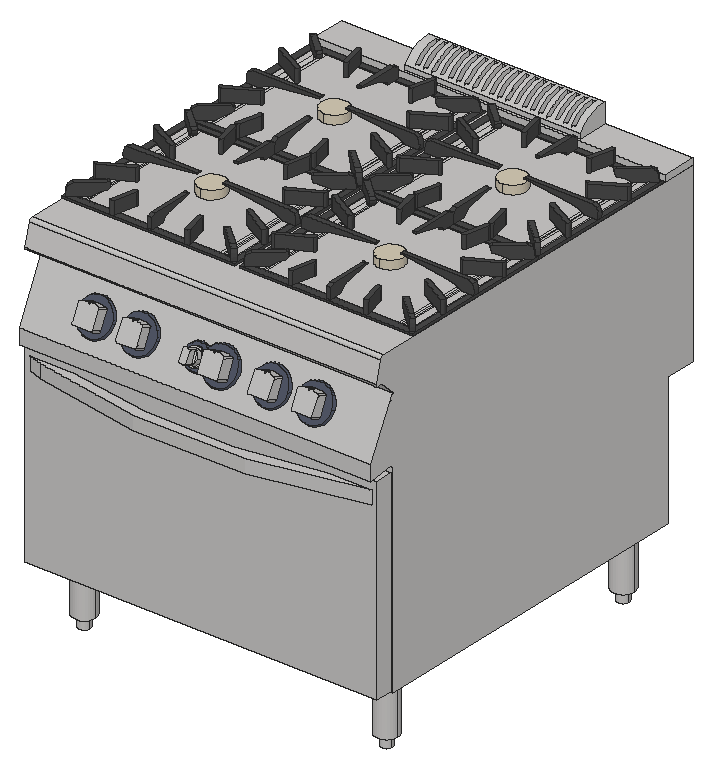
Revit family "QF_ZANUSSI_392004_Z9GCGH4SGL", category Specialty Equipment, Revit 2018
Family settings
  Round Connector Dimension = Use Diameter
  Part Type = Normal
  Work Plane-Based = No
  Always vertical = Yes
  Cut with Voids When Loaded = No
  Shared = No
  Room Calculation Point = No
Parameters
  Weight in Pounds = 155
  Weight = 0.00 kg
  Watts = 0 W
  Volts = 0 V
  URL Manufacturer = "http://www.zanussiprofessional.com"
  URL Cutsheet = "www.electrolux.com"
  URL = "http://www.zanussiprofessional.com"
  Type Mark [instance] = ""
  Steam Supply Size = 0"
  Steam Supply Minimum Pressure = 0.00 psi
  Steam Supply Maximum Pressure = 0.00 psi
  Steam Pounds per Hour = 0
  Status [instance] = ""
  Specification by User [instance] = ""
  Specification by Manufacturer = ""
  Show Logo [instance] = yes
  Show Clearance [instance] = yes
  Serial Number = ""
  Seismic Rating = ""
  SMACNA No = ""
  Revision Code [instance] = ""
  Refrigeration Suction Line Size = 0"
  Refrigeration Liquid Line Size = 0"
  Refrigerant Compressor Remote = yes
  Phase = 0
  Omniclass Number and Title = ""
  NAFEM Spec ID Number = ""
  Model = "Z9GCGH4SGL"
  Mechanical Remarks [instance] = ""
  Mechanical Connection Type [instance] = ""
  Masterspec = ""
  Manufacturer = "Zanussi"
  Length Actual = 800 mm  # constant formula
  Item Number [instance] = "392004"
  Installed By [instance] = ""
  Identify Quantity as Lot [instance] = yes
  Hot Water Size = 0"
  Height Actual = 850 mm  # constant formula
  HP = "0 HP"
  Gas Size = 1/2"
  Gas RI Height [instance] = 0 mm
  Gas KW [instance] = 32.5
  Gas Input [instance] = 1.13485 Btu/h
  Gas Connection Height = 0 mm
  Furnished By [instance] = ""
  Foodservice Equipment Identifier [instance] = yes
  Direct Waste Size = 0"
  Description = "4-BURNER (6KW) GAS RANGE+GAS OVEN 800MM"
  Depth Actual = 900 mm  # constant formula
  Cycle = 0 Hz
  Condensate Return Size = 0"
  Compressed Air Volume = 0 GPM
  Compressed Air Size = 0"
  Compressed Air Pressure = 0.00 psi
  Cold Water Size = 0"
  CSI MasterFormat = ""
  CSI Master Format = ""
  Accessory = yes
Reference planes
  plane 1 "BACK": y = 0
  plane 2: z = 0
  plane 3 "LEFT": x = 0
  plane 4 "RIGHT": x = 800.1
  plane 5 "FRONT": y = -915
  plane 6 "TOP": z = 908
  plane 7 "Center Y": x = 400.05
  plane 8 "Center X": y = -457.5
  plane 9: z = 149.225
  plane 10: z = 1397
  plane 11: y = -80.962
  plane 12: z = 850
  plane 13: x = 56
  plane 14: y = -128
  plane 15: y = -801.687
  plane 16: y = -665.163
  plane 17: y = -1309
  plane 18: y = -576
  plane 19: x = 744.1
  plane 20: y = -900
  plane 21: x = 70.925
Forms (mm)
  Extrusion 1, solid, material "QF_Finishes_Stainless Steel"
    sketch origin (0, 0, 0) x (0, 1, 0) y (0, 0, 1)
      loop
        line (0, 849.225) -> (-879.358, 849.225)
        arc (-879.358, 849.225) -> (-884.643, 847.036) -> (-886.833, 841.751) r 7.474
        line (-886.833, 841.751) -> (-899.884, 796.236)
        arc (-899.884, 796.236) -> (-899.396, 793.604) -> (-897, 792.409) r 3
        line (-897, 792.409) -> (-886.802, 792.409) -> (-854.982, 760.589) -> (-915, 639.733) -> (-915, 604.733) -> (-858.645, 612.653)
        arc (-858.645, 612.653) -> (-856.101, 611.899) -> (-855, 609.484) r 3.2
        line (-855, 609.484) -> (-855, 149.225) -> (-71, 149.225) -> (-71, 449.225) -> (0, 449.225) -> (0, 849.225)
      loop
        line (-900, 599.225) -> (-900, 154.225) -> (-860, 154.225) -> (-860, 599.225) -> (-900, 599.225)
    from 0 to 800.1
  Revolve 2, solid, material "QF_Finishes_Stainless Steel"
    sketch origin (0, -801.687, 611.731) x (0, 0, -1) y (1, 0, 0)
      loop
        line (462.506, 56) -> (462.506, 30.6) -> (586.331, 30.6) -> (586.331, 43.3) -> (611.731, 43.3) -> (611.731, 56) -> (462.506, 56)
      axis (611.731, 56) -> (462.506, 56)
    angle from 0 to 360
  Revolve 3, solid, material "QF_Finishes_Stainless Steel"
    sketch origin (800.1, -801.687, 611.731) x (0, 0, -1) y (1, 0, 0)
      loop
        line (462.506, -55.562) -> (611.731, -55.562) -> (611.731, -42.862) -> (586.331, -42.862) -> (586.331, -30.162) -> (462.506, -30.162) -> (462.506, -55.562)
      axis (611.731, -55.562) -> (462.506, -55.562)
    angle from 0 to 360
  Revolve 4, solid, material "QF_Finishes_Stainless Steel"
    sketch origin (800.1, -128.588, 611.731) x (0, 0, -1) y (1, 0, 0)
      loop
        line (462.506, -55.562) -> (611.731, -55.562) -> (611.731, -42.862) -> (586.331, -42.862) -> (586.331, -30.162) -> (462.506, -30.162) -> (462.506, -55.562)
      axis (611.731, -55.562) -> (462.506, -55.562)
    angle from 0 to 360
  Revolve 5, solid, material "QF_Finishes_Stainless Steel"
    sketch origin (111.125, -128.588, 611.731) x (0, 0, -1) y (1, 0, 0)
      loop
        line (462.506, -55.125) -> (611.731, -55.125) -> (611.731, -42.425) -> (586.331, -42.425) -> (586.331, -29.725) -> (462.506, -29.725) -> (462.506, -55.125)
      axis (611.731, -55.125) -> (462.506, -55.125)
    angle from 0 to 360
  Extrusion 6, solid, material "QF_Finishes_Stainless Steel"
    sketch origin (0, 0, 0) x (0, 1, 0) y (0, 0, 1)
      loop
        line (0, 850) -> (0, 864.288) -> (-76.2, 864.288) -> (-76.2, 850) -> (0, 850)
    from 0 to 800.1
  Extrusion 7, void
    sketch origin (-65.011, 0, 865.138) x (-1, 0, 0) y (0, -1, 0)
      loop
        line (-295.005, 6.761) -> (-285.709, 6.761) -> (-285.709, 63.911) -> (-295.005, 63.911) -> (-295.005, 6.761)
      loop
        line (-313.697, 6.761) -> (-304.401, 6.761) -> (-304.401, 63.911) -> (-313.697, 63.911) -> (-313.697, 6.761)
      loop
        line (-332.39, 6.761) -> (-323.094, 6.761) -> (-323.094, 63.911) -> (-332.39, 63.911) -> (-332.39, 6.761)
      loop
        line (-351.082, 6.761) -> (-341.787, 6.761) -> (-341.787, 63.911) -> (-351.082, 63.911) -> (-351.082, 6.761)
      loop
        line (-369.775, 6.761) -> (-360.479, 6.761) -> (-360.479, 63.911) -> (-369.775, 63.911) -> (-369.775, 6.761)
      loop
        line (-388.468, 6.761) -> (-379.172, 6.761) -> (-379.172, 63.911) -> (-388.468, 63.911) -> (-388.468, 6.761)
      loop
        line (-407.16, 6.761) -> (-397.864, 6.761) -> (-397.864, 63.911) -> (-407.16, 63.911) -> (-407.16, 6.761)
      loop
        line (-425.853, 6.761) -> (-416.557, 6.761) -> (-416.557, 63.911) -> (-425.853, 63.911) -> (-425.853, 6.761)
      loop
        line (-444.545, 6.761) -> (-435.25, 6.761) -> (-435.25, 63.911) -> (-444.545, 63.911) -> (-444.545, 6.761)
      loop
        line (-463.238, 6.761) -> (-453.942, 6.761) -> (-453.942, 63.911) -> (-463.238, 63.911) -> (-463.238, 6.761)
      loop
        line (-481.931, 6.761) -> (-472.635, 6.761) -> (-472.635, 63.911) -> (-481.931, 63.911) -> (-481.931, 6.761)
      loop
        line (-500.623, 6.761) -> (-491.328, 6.761) -> (-491.328, 63.911) -> (-500.623, 63.911) -> (-500.623, 6.761)
      loop
        line (-519.316, 6.761) -> (-510.02, 6.761) -> (-510.02, 63.911) -> (-519.316, 63.911) -> (-519.316, 6.761)
      loop
        line (-538.008, 6.761) -> (-528.713, 6.761) -> (-528.713, 63.911) -> (-538.008, 63.911) -> (-538.008, 6.761)
      loop
        line (-556.701, 6.761) -> (-547.405, 6.761) -> (-547.405, 63.911) -> (-556.701, 63.911) -> (-556.701, 6.761)
      loop
        line (-575.394, 6.761) -> (-566.098, 6.761) -> (-566.098, 63.911) -> (-575.394, 63.911) -> (-575.394, 6.761)
      loop
        line (-594.086, 6.761) -> (-584.791, 6.761) -> (-584.791, 63.911) -> (-594.086, 63.911) -> (-594.086, 6.761)
      loop
        line (-612.779, 6.761) -> (-603.483, 6.761) -> (-603.483, 63.911) -> (-612.779, 63.911) -> (-612.779, 6.761)
      loop
        line (-631.472, 6.761) -> (-622.176, 6.761) -> (-622.176, 63.911) -> (-631.472, 63.911) -> (-631.472, 6.761)
      loop
        line (-650.164, 6.761) -> (-640.868, 6.761) -> (-640.868, 63.911) -> (-650.164, 63.911) -> (-650.164, 6.761)
    from 9.525 to 45.348
  Extrusion 8, solid, material "QF_Finishes_Stainless Steel"
    sketch origin (400.05, 175.397, 1219.2) x (0, 1, 0) y (0, 0, 1)
      loop
        line (-175.397, -354.912) -> (-175.397, -311.2)
        arc (-175.397, -311.2) -> (-214.469, -319.821) -> (-245.247, -345.387) r 84.854
        line (-245.247, -345.387) -> (-245.247, -354.912) -> (-175.397, -354.912)
    from -200.05 to 199.95
  Extrusion 9, solid, material "QF_Finishes_Stainless Steel"
    sketch origin (0, -853.025, 149.225) x (1, 0, 0) y (0, -1, 0)
      loop
        circle (749.3, -187.862) r 6.4
      loop
        circle (757.1, -277.025) r 6.4
    from 0 to 20.638
  Extrusion 10, solid, material "QF_Clearances", visible <- "Show Clearance", detail levels coarse
    sketch origin (0, 0, 0) x (1, 0, 0) y (0, 1, 0)
      loop
        line (-100.013, -915) -> (0, -915) -> (0, 0) -> (800.1, 0) -> (800.1, -915) -> (900.113, -915) -> (900.113, 100.013) -> (-100.013, 100.013) -> (-100.013, -915)
    from 0 to 908
  Blend 11, solid, material "QF_Finishes_Navy Blue"
    base sketch origin (150, -884.991, 700.161) x (1, 0, 0) y (0, 0.444781, 0.895639)
      loop
        circle (0, 0) r 42.5
    top sketch origin (150, -884.991, 700.161) x (1, 0, 0) y (0, 0.444781, 0.895639)
      loop
        circle (0, 0) r 40.5
    from 0 to 5
  Extrusion 12, solid, material "QF_Finishes_Stainless Steel"
    sketch origin (150, -884.991, 700.161) x (1, 0, 0) y (0, 0.444781, 0.895639)
      loop
        arc (-21.147, 22.789) -> (-22.494, 21.685) -> (-23, 20.019) r 2.997
        line (-23, 20.019) -> (-23, -20.019)
        arc (-23, -20.019) -> (-22.122, -22.138) -> (-20.003, -23.016) r 2.997
        line (-20.003, -23.016) -> (20.003, -23.016)
        arc (20.003, -23.016) -> (22.122, -22.138) -> (23, -20.019) r 2.997
        line (23, -20.019) -> (23, 20.019)
        arc (23, 20.019) -> (22.494, 21.685) -> (21.147, 22.789) r 2.997
        arc (21.147, 22.789) -> (0, 26.984) -> (-21.147, 22.789) r 55.4
    from 10 to 34
  Extrusion 13, solid, material "QF_Plastic-Black-Matte"
    sketch origin (207.5, -884.991, 700.799) x (0, 0.444781, 0.895639) y (0, -0.895639, 0.444781)
      loop
        line (26.535, 33.47) -> (26.535, 18.47) -> (27.535, 18.47) -> (27.535, 33.47)
        arc (27.535, 33.47) -> (27.242, 34.177) -> (26.535, 34.47) r 1
        line (26.535, 34.47) -> (23.535, 34.47) -> (23.535, 33.47) -> (26.535, 33.47)
    from -58.5 to -56.5
  Extrusion 14, solid, material "QF_Finishes_Stainless Steel"
    sketch origin (150, -884.991, 700.161) x (1, 0, 0) y (0, 0.444781, 0.895639)
      loop
        line (17.5, 17.5) -> (-17.5, 17.5) -> (-17.5, -17.5) -> (17.5, -17.5) -> (17.5, 17.5)
    from 5 to 10
  Blend 15, solid, material "QF_Finishes_Navy Blue"
    base sketch origin (250, -884.991, 700.161) x (1, 0, 0) y (0, 0.444781, 0.895639)
      loop
        circle (0, 0) r 42.5
    top sketch origin (250, -884.991, 700.161) x (1, 0, 0) y (0, 0.444781, 0.895639)
      loop
        circle (0, 0) r 40.5
    from 0 to 5
  Extrusion 16, solid, material "QF_Finishes_Stainless Steel"
    sketch origin (250, -884.991, 700.161) x (1, 0, 0) y (0, 0.444781, 0.895639)
      loop
        arc (-21.147, 22.789) -> (-22.494, 21.685) -> (-23, 20.019) r 2.997
        line (-23, 20.019) -> (-23, -20.019)
        arc (-23, -20.019) -> (-22.122, -22.138) -> (-20.003, -23.016) r 2.997
        line (-20.003, -23.016) -> (20.003, -23.016)
        arc (20.003, -23.016) -> (22.122, -22.138) -> (23, -20.019) r 2.997
        line (23, -20.019) -> (23, 20.019)
        arc (23, 20.019) -> (22.494, 21.685) -> (21.147, 22.789) r 2.997
        arc (21.147, 22.789) -> (0, 26.984) -> (-21.147, 22.789) r 55.4
    from 10 to 34
  Extrusion 17, solid, material "QF_Finishes_Stainless Steel"
    sketch origin (250, -884.991, 700.161) x (1, 0, 0) y (0, 0.444781, 0.895639)
      loop
        line (17.5, 17.5) -> (-17.5, 17.5) -> (-17.5, -17.5) -> (17.5, -17.5) -> (17.5, 17.5)
    from 5 to 10
  Extrusion 18, solid, material "QF_Plastic-Black-Matte"
    sketch origin (192.5, -884.991, 700.799) x (0, 0.444781, 0.895639) y (0, 0.895639, -0.444781)
      loop
        line (26.535, -33.47) -> (23.535, -33.47) -> (23.535, -34.47) -> (26.535, -34.47)
        arc (26.535, -34.47) -> (27.242, -34.177) -> (27.535, -33.47) r 1
        line (27.535, -33.47) -> (27.535, -18.47) -> (26.535, -18.47) -> (26.535, -33.47)
    from -58.5 to -56.5
  Blend 19, solid, material "QF_Finishes_Navy Blue"
    base sketch origin (550.1, -884.991, 700.161) x (1, 0, 0) y (0, 0.444781, 0.895639)
      loop
        circle (0, 0) r 42.5
    top sketch origin (550.1, -884.991, 700.161) x (1, 0, 0) y (0, 0.444781, 0.895639)
      loop
        circle (0, 0) r 40.5
    from 0 to 5
  Extrusion 20, solid, material "QF_Finishes_Stainless Steel"
    sketch origin (550.1, -884.991, 700.161) x (1, 0, 0) y (0, 0.444781, 0.895639)
      loop
        arc (-21.147, 22.789) -> (-22.494, 21.685) -> (-23, 20.019) r 2.997
        line (-23, 20.019) -> (-23, -20.019)
        arc (-23, -20.019) -> (-22.122, -22.138) -> (-20.003, -23.016) r 2.997
        line (-20.003, -23.016) -> (20.003, -23.016)
        arc (20.003, -23.016) -> (22.122, -22.138) -> (23, -20.019) r 2.997
        line (23, -20.019) -> (23, 20.019)
        arc (23, 20.019) -> (22.494, 21.685) -> (21.147, 22.789) r 2.997
        arc (21.147, 22.789) -> (0, 26.984) -> (-21.147, 22.789) r 55.4
    from 10 to 34
  Extrusion 21, solid, material "QF_Plastic-Black-Matte"
    sketch origin (607.6, -884.991, 700.799) x (0, 0.444781, 0.895639) y (0, -0.895639, 0.444781)
      loop
        line (26.535, 33.47) -> (26.535, 18.47) -> (27.535, 18.47) -> (27.535, 33.47)
        arc (27.535, 33.47) -> (27.242, 34.177) -> (26.535, 34.47) r 1
        line (26.535, 34.47) -> (23.535, 34.47) -> (23.535, 33.47) -> (26.535, 33.47)
    from -58.5 to -56.5
  Extrusion 22, solid, material "QF_Finishes_Stainless Steel"
    sketch origin (550.1, -884.991, 700.161) x (1, 0, 0) y (0, 0.444781, 0.895639)
      loop
        line (17.5, 17.5) -> (-17.5, 17.5) -> (-17.5, -17.5) -> (17.5, -17.5) -> (17.5, 17.5)
    from 5 to 10
  Blend 23, solid, material "QF_Finishes_Navy Blue"
    base sketch origin (650.1, -884.991, 700.161) x (1, 0, 0) y (0, 0.444781, 0.895639)
      loop
        circle (0, 0) r 42.5
    top sketch origin (650.1, -884.991, 700.161) x (1, 0, 0) y (0, 0.444781, 0.895639)
      loop
        circle (0, 0) r 40.5
    from 0 to 5
  Extrusion 24, solid, material "QF_Finishes_Stainless Steel"
    sketch origin (650.1, -884.991, 700.161) x (1, 0, 0) y (0, 0.444781, 0.895639)
      loop
        arc (-21.147, 22.789) -> (-22.494, 21.685) -> (-23, 20.019) r 2.997
        line (-23, 20.019) -> (-23, -20.019)
        arc (-23, -20.019) -> (-22.122, -22.138) -> (-20.003, -23.016) r 2.997
        line (-20.003, -23.016) -> (20.003, -23.016)
        arc (20.003, -23.016) -> (22.122, -22.138) -> (23, -20.019) r 2.997
        line (23, -20.019) -> (23, 20.019)
        arc (23, 20.019) -> (22.494, 21.685) -> (21.147, 22.789) r 2.997
        arc (21.147, 22.789) -> (0, 26.984) -> (-21.147, 22.789) r 55.4
    from 10 to 34
  Extrusion 25, solid, material "QF_Finishes_Stainless Steel"
    sketch origin (650.1, -884.991, 700.161) x (1, 0, 0) y (0, 0.444781, 0.895639)
      loop
        line (17.5, 17.5) -> (-17.5, 17.5) -> (-17.5, -17.5) -> (17.5, -17.5) -> (17.5, 17.5)
    from 5 to 10
  Extrusion 26, solid, material "QF_Plastic-Black-Matte"
    sketch origin (592.6, -884.991, 700.799) x (0, 0.444781, 0.895639) y (0, 0.895639, -0.444781)
      loop
        line (26.535, -33.47) -> (23.535, -33.47) -> (23.535, -34.47) -> (26.535, -34.47)
        arc (26.535, -34.47) -> (27.242, -34.177) -> (27.535, -33.47) r 1
        line (27.535, -33.47) -> (27.535, -18.47) -> (26.535, -18.47) -> (26.535, -33.47)
    from -58.5 to -56.5
  Blend 27, solid, material "QF_Finishes_Navy Blue"
    base sketch origin (435, -884.991, 700.161) x (1, 0, 0) y (0, 0.444781, 0.895639)
      loop
        arc (-35.05, -24.037) -> (42.5, 0) -> (-35.05, 24.037) r 42.5
        arc (-35.05, 24.037) -> (-83, 0) -> (-35.05, -24.037) r 30
    top sketch origin (435, -884.991, 700.161) x (1, 0, 0) y (0, 0.444781, 0.895639)
      loop
        arc (-34.578, -21.086) -> (40.5, 0) -> (-34.578, 21.086) r 40.5
        arc (-34.578, 21.086) -> (-81, 0) -> (-34.578, -21.086) r 28
    from 0 to 5
  Extrusion 28, solid, material "QF_Finishes_Stainless Steel"
    sketch origin (202.5, -884.991, 700.161) x (1, 0, 0) y (0, 0.444781, 0.895639)
      loop
        circle (177.499, -0.341) r 20
    from 5 to 10
  Extrusion 29, void
    sketch origin (435, -884.991, 700.161) x (1, 0, 0) y (0, -0.895639, 0.444781)
      loop
        line (-62.999, 24.837) -> (-62.999, 40) -> (-71.893, 40) -> (-71.893, 22) -> (-65.835, 22)
        arc (-65.835, 22) -> (-63.827, 22.828) -> (-62.999, 24.837) r 2.827
      loop
        arc (-47.003, 24.837) -> (-46.175, 22.828) -> (-44.167, 22) r 2.827
        line (-44.167, 22) -> (-38.109, 22) -> (-38.109, 40) -> (-47.003, 40) -> (-47.003, 24.837)
    from -20.019 to 20.019
  Extrusion 30, solid, material "QF_Finishes_Stainless Steel"
    sketch origin (202.5, -884.991, 700.161) x (1, 0, 0) y (0, 0.444781, 0.895639)
      loop
        arc (211.353, 22.789) -> (210.006, 21.685) -> (209.5, 20.019) r 2.997
        line (209.5, 20.019) -> (209.5, -20.019)
        arc (209.5, -20.019) -> (210.378, -22.138) -> (212.497, -23.016) r 2.997
        line (212.497, -23.016) -> (252.503, -23.016)
        arc (252.503, -23.016) -> (254.622, -22.138) -> (255.5, -20.019) r 2.997
        line (255.5, -20.019) -> (255.5, 20.019)
        arc (255.5, 20.019) -> (254.994, 21.685) -> (253.647, 22.789) r 2.997
        arc (253.647, 22.789) -> (232.5, 26.984) -> (211.353, 22.789) r 55.4
    from 5 to 34
  Extrusion 31, solid, material "QF_Finishes_Stainless Steel"
    sketch origin (202.5, -884.991, 700.161) x (1, 0, 0) y (0, 0.444781, 0.895639)
      loop
        circle (177.499, -0.341) r 16
    from 10 to 40
  Extrusion 32, solid, material "QF_Plastic-Black-Matte"
    sketch origin (492.5, -884.991, 700.161) x (0, 0.444781, 0.895639) y (0, -0.895639, 0.444781)
      loop
        line (27.106, 33.754) -> (27.106, 18.754) -> (28.106, 18.754) -> (28.106, 33.754)
        arc (28.106, 33.754) -> (27.813, 34.461) -> (27.106, 34.754) r 1
        line (27.106, 34.754) -> (24.106, 34.754) -> (24.106, 33.754) -> (27.106, 33.754)
    from -58.5 to -56.5
  Extrusion 33, solid, material "QF_Finishes_Door Clearance", visible <- "Show Clearance", detail levels coarse
    sketch origin (0, -200, -0.775) x (0, 1, 0) y (0, 0, 1)
      loop
        arc (-700, 600) -> (-991.621, 457.58) -> (-1108.972, 155) r 445
        line (-1108.972, 155) -> (-700, 155) -> (-700, 600)
    from 0 to 800
  Extrusion 34, solid, material "QF_Finishes_Stainless Steel"
    sketch origin (0, -200, 149.225) x (-1, 0, 0) y (0, -1, 0)
      loop
        line (-790, 700) -> (-696.395, 700)
        arc (-696.395, 700) -> (-400, 735) -> (-103.605, 700) r 1272.5
        line (-103.605, 700) -> (-10, 700)
        arc (-10, 700) -> (-27.217, 705.295) -> (-44.506, 710.35) r 1297.5
        arc (-44.506, 710.35) -> (-418.013, 759.875) -> (-790, 700) r 1297.5
    from 400 to 430
Cuts and joins
  Extrusion 7 cuts Extrusion 8
  Extrusion 29 cuts Extrusion 31
Lines and regions (mm)
  Split face 1
    outline origin (150, -889.469, 702.385) x (1, 0, 0) y (0, 0.444781, 0.895639)
      loop
        circle (-33, 0) r 3
  Split face 2
    outline origin (155.901, -889.469, 702.385) x (1, 0, 0) y (0, 0.444781, 0.895639)
      loop
        line (-8.901, 38.561) -> (-8.901, 28.561) -> (-2.901, 28.561) -> (-2.901, 38.561) -> (-8.901, 38.561)
  Split face 3
    outline origin (155.901, -889.469, 702.385) x (1, 0, 0) y (0, 0.444781, 0.895639)
      loop
        line (-8.401, 38.061) -> (-8.401, 29.061) -> (-3.401, 29.061) -> (-3.401, 38.061) -> (-8.401, 38.061)
  Split face 4
    outline origin (175.657, -875.159, 731.2) x (-1, 0, 0) y (0, -0.444781, -0.895639)
      loop
        circle (43.456, 61.543) r 1.5
  Split face 5
    outline origin (150, -889.469, 702.385) x (1, 0, 0) y (0, 0.444781, 0.895639)
      loop
        circle (-24.487, 26.694) r 3.497
  Split face 6
    outline origin (155.901, -859.615, 762.501) x (1, 0, 0) y (0, 0.444781, 0.895639)
      loop
        line (-8.401, -34.061) -> (-3.401, -34.061)
  Split face 7
    outline origin (155.901, -859.615, 762.501) x (1, 0, 0) y (0, 0.444781, 0.895639)
      loop
        line (-8.401, -33.561) -> (-3.401, -33.561)
  Split face 8
    outline origin (155.901, -859.615, 762.501) x (1, 0, 0) y (0, 0.444781, 0.895639)
      loop
        circle (-5.901, -31.311) r 2.029
  Split face 9
    outline origin (255.901, -889.469, 702.385) x (1, 0, 0) y (0, 0.444781, 0.895639)
      loop
        line (-8.901, 38.561) -> (-8.901, 28.561) -> (-2.901, 28.561) -> (-2.901, 38.561) -> (-8.901, 38.561)
  Split face 10
    outline origin (255.901, -889.469, 702.385) x (1, 0, 0) y (0, 0.444781, 0.895639)
      loop
        line (-8.401, 38.061) -> (-8.401, 29.061) -> (-3.401, 29.061) -> (-3.401, 38.061) -> (-8.401, 38.061)
  Split face 11
    outline origin (255.901, -889.469, 702.385) x (1, 0, 0) y (0, 0.444781, 0.895639)
      loop
        line (-8.401, 34.061) -> (-3.401, 34.061)
  Split face 12
    outline origin (255.901, -889.469, 702.385) x (1, 0, 0) y (0, 0.444781, 0.895639)
      loop
        line (-8.401, 33.561) -> (-3.401, 33.561)
  Split face 13
    outline origin (255.901, -889.469, 702.385) x (1, 0, 0) y (0, 0.444781, 0.895639)
      loop
        circle (-5.901, 31.311) r 2.029
  Split face 14
    outline origin (250, -889.469, 702.385) x (1, 0, 0) y (0, 0.444781, 0.895639)
      loop
        circle (-33, 0) r 3
  Split face 15
    outline origin (275.657, -875.159, 731.2) x (-1, 0, 0) y (0, -0.444781, -0.895639)
      loop
        circle (43.456, 61.543) r 1.5
  Split face 16
    outline origin (250, -889.469, 702.385) x (1, 0, 0) y (0, 0.444781, 0.895639)
      loop
        circle (-24.487, 26.694) r 3.497
  Split face 17
    outline origin (550.1, -889.469, 702.385) x (1, 0, 0) y (0, 0.444781, 0.895639)
      loop
        circle (-33, 0) r 3
  Split face 18
    outline origin (556.001, -889.469, 702.385) x (1, 0, 0) y (0, 0.444781, 0.895639)
      loop
        line (-8.901, 38.561) -> (-8.901, 28.561) -> (-2.901, 28.561) -> (-2.901, 38.561) -> (-8.901, 38.561)
  Split face 19
    outline origin (556.001, -889.469, 702.385) x (1, 0, 0) y (0, 0.444781, 0.895639)
      loop
        line (-8.401, 38.061) -> (-8.401, 29.061) -> (-3.401, 29.061) -> (-3.401, 38.061) -> (-8.401, 38.061)
  Split face 20
    outline origin (575.757, -875.159, 731.2) x (-1, 0, 0) y (0, -0.444781, -0.895639)
      loop
        circle (43.456, 61.543) r 1.5
  Split face 21
    outline origin (550.1, -889.469, 702.385) x (1, 0, 0) y (0, 0.444781, 0.895639)
      loop
        circle (-24.487, 26.694) r 3.497
  Split face 22
    outline origin (556.001, -859.615, 762.501) x (1, 0, 0) y (0, 0.444781, 0.895639)
      loop
        line (-8.401, -34.061) -> (-3.401, -34.061)
  Split face 23
    outline origin (556.001, -859.615, 762.501) x (1, 0, 0) y (0, 0.444781, 0.895639)
      loop
        line (-8.401, -33.561) -> (-3.401, -33.561)
  Split face 24
    outline origin (556.001, -859.615, 762.501) x (1, 0, 0) y (0, 0.444781, 0.895639)
      loop
        circle (-5.901, -31.311) r 2.029
  Split face 25
    outline origin (656.001, -889.469, 702.385) x (1, 0, 0) y (0, 0.444781, 0.895639)
      loop
        line (-8.901, 38.561) -> (-8.901, 28.561) -> (-2.901, 28.561) -> (-2.901, 38.561) -> (-8.901, 38.561)
  Split face 26
    outline origin (656.001, -889.469, 702.385) x (1, 0, 0) y (0, 0.444781, 0.895639)
      loop
        line (-8.401, 38.061) -> (-8.401, 29.061) -> (-3.401, 29.061) -> (-3.401, 38.061) -> (-8.401, 38.061)
  Split face 27
    outline origin (656.001, -889.469, 702.385) x (1, 0, 0) y (0, 0.444781, 0.895639)
      loop
        line (-8.401, 34.061) -> (-3.401, 34.061)
  Split face 28
    outline origin (656.001, -889.469, 702.385) x (1, 0, 0) y (0, 0.444781, 0.895639)
      loop
        line (-8.401, 33.561) -> (-3.401, 33.561)
  Split face 29
    outline origin (656.001, -889.469, 702.385) x (1, 0, 0) y (0, 0.444781, 0.895639)
      loop
        circle (-5.901, 31.311) r 2.029
  Split face 30
    outline origin (650.1, -889.469, 702.385) x (1, 0, 0) y (0, 0.444781, 0.895639)
      loop
        circle (-33, 0) r 3
  Split face 31
    outline origin (675.757, -875.159, 731.2) x (-1, 0, 0) y (0, -0.444781, -0.895639)
      loop
        circle (43.456, 61.543) r 1.5
  Split face 32
    outline origin (650.1, -889.469, 702.385) x (1, 0, 0) y (0, 0.444781, 0.895639)
      loop
        circle (-24.487, 26.694) r 3.497
  Split face 33
    outline origin (435, -889.469, 702.385) x (1, 0, 0) y (0, 0.444781, 0.895639)
      loop
        circle (0, 33) r 1
  Split face 34
    outline origin (435, -889.469, 702.385) x (1, 0, 0) y (0, 0.444781, 0.895639)
      loop
        circle (-8.541, 31.876) r 1
  Split face 35
    outline origin (435, -889.469, 702.385) x (1, 0, 0) y (0, 0.444781, 0.895639)
      loop
        circle (-16.5, 28.579) r 1
  Split face 36
    outline origin (435, -889.469, 702.385) x (1, 0, 0) y (0, 0.444781, 0.895639)
      loop
        circle (-23.335, 23.335) r 1
  Split face 37
    outline origin (435, -889.469, 702.385) x (1, 0, 0) y (0, 0.444781, 0.895639)
      loop
        circle (-28.579, 16.5) r 1
  Split face 38
    outline origin (435, -889.469, 702.385) x (1, 0, 0) y (0, 0.444781, 0.895639)
      loop
        circle (-31.876, 8.541) r 1
  Split face 39
    outline origin (435, -889.469, 702.385) x (1, 0, 0) y (0, 0.444781, 0.895639)
      loop
        circle (-33, 0) r 1
  Split face 40
    outline origin (435, -889.469, 702.385) x (-1, 0, 0) y (0, 0.444781, 0.895639)
      loop
        circle (-8.541, 31.876) r 1
  Split face 41
    outline origin (435, -889.469, 702.385) x (-1, 0, 0) y (0, 0.444781, 0.895639)
      loop
        circle (-16.5, 28.579) r 1
  Split face 42
    outline origin (435, -889.469, 702.385) x (-1, 0, 0) y (0, 0.444781, 0.895639)
      loop
        circle (-23.335, 23.335) r 1
  Split face 43
    outline origin (435, -889.469, 702.385) x (-1, 0, 0) y (0, 0.444781, 0.895639)
      loop
        circle (-28.579, 16.5) r 1
  Split face 44
    outline origin (435, -889.469, 702.385) x (-1, 0, 0) y (0, 0.444781, 0.895639)
      loop
        circle (-31.876, 8.541) r 1
  Split face 45
    outline origin (435, -889.469, 702.385) x (1, 0, 0) y (0, -0.444781, -0.895639)
      loop
        circle (0, 33) r 1
  Split face 46
    outline origin (435, -889.469, 702.385) x (1, 0, 0) y (0, -0.444781, -0.895639)
      loop
        circle (-8.541, 31.876) r 1
  Split face 47
    outline origin (435, -889.469, 702.385) x (1, 0, 0) y (0, -0.444781, -0.895639)
      loop
        circle (-16.5, 28.579) r 1
  Split face 48
    outline origin (435, -889.469, 702.385) x (1, 0, 0) y (0, -0.444781, -0.895639)
      loop
        circle (-23.335, 23.335) r 1
  Split face 49
    outline origin (435, -889.469, 702.385) x (1, 0, 0) y (0, -0.444781, -0.895639)
      loop
        circle (-28.579, 16.5) r 1
  Split face 50
    outline origin (435, -889.469, 702.385) x (1, 0, 0) y (0, -0.444781, -0.895639)
      loop
        circle (-31.876, 8.541) r 1
  Split face 51
    outline origin (435, -889.469, 702.385) x (-1, 0, 0) y (0, -0.444781, -0.895639)
      loop
        circle (-8.541, 31.876) r 1
  Split face 52
    outline origin (435, -889.469, 702.385) x (-1, 0, 0) y (0, -0.444781, -0.895639)
      loop
        circle (-16.5, 28.579) r 1
  Split face 53
    outline origin (435, -889.469, 702.385) x (-1, 0, 0) y (0, -0.444781, -0.895639)
      loop
        circle (-23.335, 23.335) r 1
  Split face 54
    outline origin (435, -889.469, 702.385) x (-1, 0, 0) y (0, -0.444781, -0.895639)
      loop
        circle (-28.579, 16.5) r 1
  Split face 55
    outline origin (435, -889.469, 702.385) x (-1, 0, 0) y (0, -0.444781, -0.895639)
      loop
        circle (-31.876, 8.541) r 1
  Split face 56
    outline origin (435, -889.469, 702.385) x (1, 0, 0) y (0, 0.444781, 0.895639)
      loop
        circle (33, 0) r 1
  Split face 57
    outline origin (435, -889.469, 702.385) x (1, 0, 0) y (0, 0.444781, 0.895639)
      loop
        circle (-55.001, 22) r 1.508
  Split face 58
    outline origin (435, -889.469, 702.385) x (1, 0, 0) y (0, 0.444781, 0.895639)
      loop
        circle (-77.001, 0) r 1.343
  Split face 59
    outline origin (435, -889.469, 702.385) x (1, 0, 0) y (0, 0.444781, 0.895639)
      loop
        line (-56.273, -20.786) -> (-56.273, -25.164) -> (-53.729, -25.164) -> (-53.729, -20.786) -> (-56.273, -20.786)
  symbolic lines, style "QF_Clearances", visible <- "Show Clearance", detail levels coarse
    curve 1: line (-100.013, -915, 0) -> (-100.013, 100.013, 0)
    curve 2: line (-100.013, 100.013, 0) -> (900.113, 100.013, 0)
    curve 3: line (900.113, 100.013, 0) -> (900.113, -914.604, 0)
  symbolic lines
    curve 4: line (0, -73.526, 0) -> (800.1, -73.526, 0)
    curve 5: line (800.1, -73.526, 0) -> (800.1, -915, 0)
    curve 6: line (0, -915, 0) -> (0, -73.526, 0)
    curve 7: line (0, -76.2, 0) -> (800.1, -76.2, 0)
    curve 11: line (200, -69.85, 0) -> (200, -73.526, 0)
    curve 12: line (200, -69.85, 0) -> (600, -69.85, 0)
    curve 13: line (600, -69.85, 0) -> (600, -73.526, 0)
    curve 14: line (585.153, -6.761, 0) -> (585.153, -63.911, 0)
    curve 15: line (585.153, -63.911, 0) -> (575.857, -63.911, 0)
    curve 16: line (575.857, -63.911, 0) -> (575.857, -6.761, 0)
    curve 17: line (575.857, -6.761, 0) -> (585.153, -6.761, 0)
    curve 18: line (566.461, -6.761, 0) -> (566.461, -63.911, 0)
    curve 19: line (566.461, -63.911, 0) -> (557.165, -63.911, 0)
    curve 20: line (557.165, -63.911, 0) -> (557.165, -6.761, 0)
    curve 21: line (557.165, -6.761, 0) -> (566.461, -6.761, 0)
    curve 22: line (547.768, -6.761, 0) -> (547.768, -63.911, 0)
    curve 23: line (547.768, -63.911, 0) -> (538.472, -63.911, 0)
    curve 24: line (538.472, -63.911, 0) -> (538.472, -6.761, 0)
    curve 25: line (538.472, -6.761, 0) -> (547.768, -6.761, 0)
    curve 26: line (529.075, -6.761, 0) -> (529.075, -63.911, 0)
    curve 27: line (529.075, -63.911, 0) -> (519.78, -63.911, 0)
    curve 28: line (519.78, -63.911, 0) -> (519.78, -6.761, 0)
    curve 29: line (519.78, -6.761, 0) -> (529.075, -6.761, 0)
    curve 30: line (510.383, -6.761, 0) -> (510.383, -63.911, 0)
    curve 31: line (510.383, -63.911, 0) -> (501.087, -63.911, 0)
    curve 32: line (501.087, -63.911, 0) -> (501.087, -6.761, 0)
    curve 33: line (501.087, -6.761, 0) -> (510.383, -6.761, 0)
    curve 34: line (491.69, -6.761, 0) -> (491.69, -63.911, 0)
    curve 35: line (491.69, -63.911, 0) -> (482.394, -63.911, 0)
    curve 36: line (482.394, -63.911, 0) -> (482.394, -6.761, 0)
    curve 37: line (482.394, -6.761, 0) -> (491.69, -6.761, 0)
    curve 38: line (472.998, -6.761, 0) -> (472.998, -63.911, 0)
    curve 39: line (472.998, -63.911, 0) -> (463.702, -63.911, 0)
    curve 40: line (463.702, -63.911, 0) -> (463.702, -6.761, 0)
    curve 41: line (463.702, -6.761, 0) -> (472.998, -6.761, 0)
    curve 42: line (454.305, -6.761, 0) -> (454.305, -63.911, 0)
    curve 43: line (454.305, -63.911, 0) -> (445.009, -63.911, 0)
    curve 44: line (445.009, -63.911, 0) -> (445.009, -6.761, 0)
    curve 45: line (445.009, -6.761, 0) -> (454.305, -6.761, 0)
    curve 46: line (435.612, -6.761, 0) -> (435.612, -63.911, 0)
    curve 47: line (435.612, -63.911, 0) -> (426.317, -63.911, 0)
    curve 48: line (426.317, -63.911, 0) -> (426.317, -6.761, 0)
    curve 49: line (426.317, -6.761, 0) -> (435.612, -6.761, 0)
    curve 50: line (416.92, -6.761, 0) -> (416.92, -63.911, 0)
    curve 51: line (416.92, -63.911, 0) -> (407.624, -63.911, 0)
    curve 52: line (407.624, -63.911, 0) -> (407.624, -6.761, 0)
    curve 53: line (407.624, -6.761, 0) -> (416.92, -6.761, 0)
    curve 54: line (398.227, -6.761, 0) -> (398.227, -63.911, 0)
    curve 55: line (398.227, -63.911, 0) -> (388.931, -63.911, 0)
    curve 56: line (388.931, -63.911, 0) -> (388.931, -6.761, 0)
    curve 57: line (388.931, -6.761, 0) -> (398.227, -6.761, 0)
    curve 58: line (379.534, -6.761, 0) -> (379.534, -63.911, 0)
    curve 59: line (379.534, -63.911, 0) -> (370.239, -63.911, 0)
    curve 60: line (370.239, -63.911, 0) -> (370.239, -6.761, 0)
    curve 61: line (370.239, -6.761, 0) -> (379.534, -6.761, 0)
    curve 62: line (360.842, -6.761, 0) -> (360.842, -63.911, 0)
    curve 63: line (360.842, -63.911, 0) -> (351.546, -63.911, 0)
    curve 64: line (351.546, -63.911, 0) -> (351.546, -6.761, 0)
    curve 65: line (351.546, -6.761, 0) -> (360.842, -6.761, 0)
    curve 66: line (342.149, -6.761, 0) -> (342.149, -63.911, 0)
    curve 67: line (342.149, -63.911, 0) -> (332.854, -63.911, 0)
    curve 68: line (332.854, -63.911, 0) -> (332.854, -6.761, 0)
    curve 69: line (332.854, -6.761, 0) -> (342.149, -6.761, 0)
    curve 70: line (323.457, -6.761, 0) -> (323.457, -63.911, 0)
    curve 71: line (323.457, -63.911, 0) -> (314.161, -63.911, 0)
    curve 72: line (314.161, -63.911, 0) -> (314.161, -6.761, 0)
    curve 73: line (314.161, -6.761, 0) -> (323.457, -6.761, 0)
    curve 74: line (304.764, -6.761, 0) -> (304.764, -63.911, 0)
    curve 75: line (304.764, -63.911, 0) -> (295.468, -63.911, 0)
    curve 76: line (295.468, -63.911, 0) -> (295.468, -6.761, 0)
    curve 77: line (295.468, -6.761, 0) -> (304.764, -6.761, 0)
    curve 78: line (286.071, -6.761, 0) -> (286.071, -63.911, 0)
    curve 79: line (286.071, -63.911, 0) -> (276.776, -63.911, 0)
    curve 80: line (276.776, -63.911, 0) -> (276.776, -6.761, 0)
    curve 81: line (276.776, -6.761, 0) -> (286.071, -6.761, 0)
    curve 82: line (267.379, -6.761, 0) -> (267.379, -63.911, 0)
    curve 83: line (267.379, -63.911, 0) -> (258.083, -63.911, 0)
    curve 84: line (258.083, -63.911, 0) -> (258.083, -6.761, 0)
    curve 85: line (258.083, -6.761, 0) -> (267.379, -6.761, 0)
    curve 86: line (248.686, -6.761, 0) -> (248.686, -63.911, 0)
    curve 87: line (248.686, -63.911, 0) -> (239.39, -63.911, 0)
    curve 88: line (239.39, -63.911, 0) -> (239.39, -6.761, 0)
    curve 89: line (239.39, -6.761, 0) -> (248.686, -6.761, 0)
    curve 90: line (229.994, -6.761, 0) -> (229.994, -63.911, 0)
    curve 91: line (229.994, -63.911, 0) -> (220.698, -63.911, 0)
    curve 92: line (220.698, -63.911, 0) -> (220.698, -6.761, 0)
    curve 93: line (220.698, -6.761, 0) -> (229.994, -6.761, 0)
    curve 94: line (127, -900, 0) -> (127, -924.347, 0)
    curve 95: arc (127, -924.347, 0) -> (127.146, -924.811, 0) -> (127.532, -925.107, 0) r 0.809
    curve 96: arc (127.532, -925.107, 0) -> (128.72, -925.587, 0) -> (129.997, -925.68, 0) r 4.127
    curve 97: arc (127, -904.292, 0) -> (121.959, -902.458, 0) -> (117.191, -900, 0) r 42.24
    curve 98: arc (127, -906.539, 0) -> (127.502, -905.818, 0) -> (128.299, -905.448, 0) r 1.682
    curve 99: arc (128.299, -905.448, 0) -> (138.602, -903.95, 0) -> (149, -903.441, 0) r 109.079
    curve 100: line (149, -900, 0) -> (149, -905.671, 0)
    curve 101: line (149, -905.671, 0) -> (151, -905.671, 0)
    curve 102: line (151, -905.671, 0) -> (151, -900, 0)
    curve 103: line (173, -900, 0) -> (173, -924.347, 0)
    curve 104: arc (173, -924.347, 0) -> (172.854, -924.811, 0) -> (172.468, -925.107, 0) r 0.809
    curve 105: arc (172.468, -925.107, 0) -> (171.28, -925.587, 0) -> (170.003, -925.68, 0) r 4.127
    curve 106: arc (173, -904.292, 0) -> (178.041, -902.458, 0) -> (182.809, -900, 0) r 42.24
    curve 107: arc (173, -906.539, 0) -> (172.498, -905.818, 0) -> (171.701, -905.448, 0) r 1.682
    curve 108: arc (171.701, -905.448, 0) -> (161.398, -903.95, 0) -> (151, -903.441, 0) r 109.079
    curve 109: line (129.997, -925.68, 0) -> (170.003, -925.68, 0)
    curve 110: line (227, -900, 0) -> (227, -924.347, 0)
    curve 111: arc (227, -924.347, 0) -> (227.146, -924.811, 0) -> (227.532, -925.107, 0) r 0.809
    curve 112: arc (227.532, -925.107, 0) -> (228.72, -925.587, 0) -> (229.997, -925.68, 0) r 4.127
    curve 113: arc (227, -904.292, 0) -> (221.959, -902.458, 0) -> (217.191, -900, 0) r 42.24
    curve 114: arc (227, -906.539, 0) -> (227.502, -905.818, 0) -> (228.299, -905.448, 0) r 1.682
    curve 115: arc (228.299, -905.448, 0) -> (238.602, -903.95, 0) -> (249, -903.441, 0) r 109.079
    curve 116: line (249, -900, 0) -> (249, -905.671, 0)
    curve 117: line (249, -905.671, 0) -> (251, -905.671, 0)
    curve 118: line (251, -905.671, 0) -> (251, -900, 0)
    curve 119: line (273, -900, 0) -> (273, -924.347, 0)
    curve 120: arc (273, -924.347, 0) -> (272.854, -924.811, 0) -> (272.468, -925.107, 0) r 0.809
    curve 121: arc (272.468, -925.107, 0) -> (271.28, -925.587, 0) -> (270.003, -925.68, 0) r 4.127
    curve 122: arc (273, -904.292, 0) -> (278.041, -902.458, 0) -> (282.809, -900, 0) r 42.24
    curve 123: arc (273, -906.539, 0) -> (272.498, -905.818, 0) -> (271.701, -905.448, 0) r 1.682
    curve 124: arc (271.701, -905.448, 0) -> (261.398, -903.95, 0) -> (251, -903.441, 0) r 109.079
    curve 125: line (229.997, -925.68, 0) -> (270.003, -925.68, 0)
    curve 126: line (412, -900, 0) -> (412, -924.347, 0)
    curve 127: arc (412, -924.347, 0) -> (412.146, -924.811, 0) -> (412.532, -925.107, 0) r 0.809
    curve 128: arc (412.532, -925.107, 0) -> (413.72, -925.587, 0) -> (414.997, -925.68, 0) r 4.127
    curve 129: arc (412, -904.292, 0) -> (406.959, -902.458, 0) -> (402.191, -900, 0) r 42.24
    curve 130: arc (412, -906.539, 0) -> (412.502, -905.818, 0) -> (413.299, -905.448, 0) r 1.682
    curve 131: arc (413.299, -905.448, 0) -> (423.602, -903.95, 0) -> (434, -903.441, 0) r 109.079
    curve 132: line (434, -900, 0) -> (434, -905.671, 0)
    curve 133: line (434, -905.671, 0) -> (436, -905.671, 0)
    curve 134: line (436, -905.671, 0) -> (436, -900, 0)
    curve 135: line (458, -900, 0) -> (458, -924.347, 0)
    curve 136: arc (458, -924.347, 0) -> (457.854, -924.811, 0) -> (457.468, -925.107, 0) r 0.809
    curve 137: arc (457.468, -925.107, 0) -> (456.28, -925.587, 0) -> (455.003, -925.68, 0) r 4.127
    curve 138: arc (458, -904.292, 0) -> (463.041, -902.458, 0) -> (467.809, -900, 0) r 42.24
    curve 139: arc (458, -906.539, 0) -> (457.498, -905.818, 0) -> (456.701, -905.448, 0) r 1.682
    curve 140: arc (456.701, -905.448, 0) -> (446.398, -903.95, 0) -> (436, -903.441, 0) r 109.079
    curve 141: line (414.997, -925.68, 0) -> (455.003, -925.68, 0)
    curve 142: line (626.997, -900, 0) -> (626.997, -924.347, 0)
    curve 143: arc (626.997, -924.347, 0) -> (627.144, -924.811, 0) -> (627.53, -925.107, 0) r 0.809
    curve 144: arc (627.53, -925.107, 0) -> (628.717, -925.587, 0) -> (629.995, -925.68, 0) r 4.127
    curve 145: arc (626.997, -904.292, 0) -> (621.956, -902.458, 0) -> (617.188, -900, 0) r 42.24
    curve 146: arc (626.997, -906.539, 0) -> (627.5, -905.818, 0) -> (628.297, -905.448, 0) r 1.682
    curve 147: arc (628.297, -905.448, 0) -> (638.599, -903.95, 0) -> (648.997, -903.441, 0) r 109.079
    curve 148: line (648.997, -900, 0) -> (648.997, -905.671, 0)
    curve 149: line (648.997, -905.671, 0) -> (650.997, -905.671, 0)
    curve 150: line (650.997, -905.671, 0) -> (650.997, -900, 0)
    curve 151: line (672.997, -900, 0) -> (672.997, -924.347, 0)
    curve 152: arc (672.997, -924.347, 0) -> (672.851, -924.811, 0) -> (672.465, -925.107, 0) r 0.809
    curve 153: arc (672.465, -925.107, 0) -> (671.278, -925.587, 0) -> (670, -925.68, 0) r 4.127
    curve 154: arc (672.997, -904.292, 0) -> (678.039, -902.458, 0) -> (682.807, -900, 0) r 42.24
    curve 155: arc (672.997, -906.539, 0) -> (672.495, -905.818, 0) -> (671.698, -905.448, 0) r 1.682
    curve 156: arc (671.698, -905.448, 0) -> (661.396, -903.95, 0) -> (650.997, -903.441, 0) r 109.079
    curve 157: line (629.995, -925.68, 0) -> (670, -925.68, 0)
    curve 158: line (372.001, -925.977, 908.9) -> (372.001, -901.224, 908.9)
    curve 159: line (387.997, -901.224, 908.9) -> (387.997, -925.977, 908.9)
    curve 160: spline (369.365, -910.164, 908.9) -> (367.876, -909.491, 908.9) -> (366.601, -908.737, 908.9) -> (365.561, -907.914, 908.9) -> (364.775, -907.037, 908.9) -> (364.258, -906.121, 908.9) -> (364.017, -905.183, 908.9) -> (364.057, -904.239, 908.9) -> (364.378, -903.306, 908.9) -> (364.974, -902.4, 908.9) -> (365.834, -901.537, 908.9) -> (366.944, -900.732, 908.9) -> (368.283, -900, 908.9)
    curve 161: spline (391.714, -900, 908.9) -> (393.057, -900.735, 908.9) -> (394.17, -901.543, 908.9) -> (395.032, -902.41, 908.9) -> (395.627, -903.319, 908.9) -> (395.946, -904.256, 908.9) -> (395.982, -905.204, 908.9) -> (395.734, -906.145, 908.9) -> (395.209, -907.063, 908.9) -> (394.413, -907.942, 908.9) -> (393.363, -908.766, 908.9) -> (392.075, -909.521, 908.9) -> (390.574, -910.193, 908.9)
    curve 162: spline (390.574, -910.193, 908.9) -> (390.294, -910.322, 908.9) -> (390.013, -910.487, 908.9) -> (389.735, -910.686, 908.9) -> (389.465, -910.917, 908.9) -> (389.206, -911.177, 908.9) -> (388.963, -911.461, 908.9) -> (388.738, -911.765, 908.9) -> (388.535, -912.085, 908.9) -> (388.357, -912.416, 908.9) -> (388.207, -912.754, 908.9) -> (388.086, -913.094, 908.9) -> (387.997, -913.43, 908.9)
    curve 163: spline (372.001, -913.341, 908.9) -> (371.929, -912.987, 908.9) -> (371.821, -912.634, 908.9) -> (371.68, -912.286, 908.9) -> (371.507, -911.949, 908.9) -> (371.306, -911.628, 908.9) -> (371.077, -911.327, 908.9) -> (370.827, -911.051, 908.9) -> (370.556, -910.803, 908.9) -> (370.271, -910.588, 908.9) -> (369.974, -910.408, 908.9) -> (369.671, -910.266, 908.9) -> (369.365, -910.164, 908.9)
    curve 164: line (363.999, -904.847, 908.9) -> (363.999, -900, 908.9)
    curve 165: line (396.001, -904.85, 908.9) -> (396.001, -900, 908.9)
    curve 166: arc (372.001, -925.977, 908.9) -> (379.999, -927.063, 908.9) -> (387.997, -925.977, 908.9) r 30
    curve 167: arc (372.001, -901.224, 0) -> (371.902, -900.567, 0) -> (371.556, -900, 0) r 1.677
    curve 168: arc (387.997, -901.224, 0) -> (388.096, -900.567, 0) -> (388.442, -900, 0) r 1.677
    curve 169: line (0, -900, 0) -> (800.1, -900, 0)
    curve 170: line (527.1, -900, 0) -> (527.1, -924.347, 0)
    curve 171: arc (527.1, -924.347, 0) -> (527.246, -924.811, 0) -> (527.632, -925.107, 0) r 0.809
    curve 172: arc (527.632, -925.107, 0) -> (528.82, -925.587, 0) -> (530.097, -925.68, 0) r 4.127
    curve 173: arc (527.1, -904.292, 0) -> (522.059, -902.458, 0) -> (517.291, -900, 0) r 42.24
    curve 174: arc (527.1, -906.539, 0) -> (527.602, -905.818, 0) -> (528.399, -905.448, 0) r 1.682
    curve 175: arc (528.399, -905.448, 0) -> (538.702, -903.95, 0) -> (549.1, -903.441, 0) r 109.079
    curve 176: line (549.1, -900, 0) -> (549.1, -905.671, 0)
    curve 177: line (549.1, -905.671, 0) -> (551.1, -905.671, 0)
    curve 178: line (551.1, -905.671, 0) -> (551.1, -900, 0)
    curve 179: line (573.1, -900, 0) -> (573.1, -924.347, 0)
    curve 180: arc (573.1, -924.347, 0) -> (572.954, -924.811, 0) -> (572.568, -925.107, 0) r 0.809
    curve 181: arc (572.568, -925.107, 0) -> (571.38, -925.587, 0) -> (570.103, -925.68, 0) r 4.127
    curve 182: arc (573.1, -904.292, 0) -> (578.141, -902.458, 0) -> (582.909, -900, 0) r 42.24
    curve 183: arc (573.1, -906.539, 0) -> (572.598, -905.818, 0) -> (571.801, -905.448, 0) r 1.682
    curve 184: arc (571.801, -905.448, 0) -> (561.498, -903.95, 0) -> (551.1, -903.441, 0) r 109.079
    curve 185: line (530.097, -925.68, 0) -> (570.103, -925.68, 0)
    curve 186: line (0, -915, 0) -> (127, -915, 0)
    curve 187: line (173, -915, 0) -> (227, -915, 0)
    curve 188: line (273, -915, 0) -> (372.001, -915, 0)
    curve 189: line (387.953, -915, 0) -> (412, -915, 0)
    curve 190: line (458, -915, 0) -> (527.1, -915, 0)
    curve 191: line (573.1, -915, 0) -> (626.997, -915, 0)
    curve 192: line (672.997, -915, 0) -> (800.1, -915, 0)
    curve 193: arc (61.252, -915, 0) -> (400, -960, 0) -> (738.748, -915, 0) r 1297.5
    curve 194: arc (227, -923.185, 0) -> (199.954, -919.177, 0) -> (173, -914.589, 0) r 1272.5
    curve 195: arc (553.73, -925.68, 0) -> (400, -935, 0) -> (246.27, -925.68, 0) r 1272.5
    curve 196: arc (626.997, -914.59, 0) -> (600.095, -919.17, 0) -> (573.1, -923.172, 0) r 1272.5
  symbolic lines, style "QF_Door-Drawer Clearances"
    curve 8: line (0, -915, 0) -> (0, -1309, 0)
    curve 9: line (0, -1309, 0) -> (800, -1309, 0)
    curve 10: line (800, -1309, 0) -> (800, -913.725, 0)
Dimensions and locks
  equal spacing: plane 3 "LEFT", plane 7 "Center Y", plane 4 "RIGHT"
  plane 3 "LEFT" to plane 4 "RIGHT" = 800.1 mm
  equal spacing: plane 5 "FRONT", plane 8 "Center X", plane 1 "BACK"
  plane 5 "FRONT" to plane 1 "BACK" = 915 mm  (x2)
  plane 6 "TOP" to plane 2 = 908 mm
  plane 9 to plane 2 = 149.225 mm  (x2)
  plane 10 to plane 6 "TOP" = 489 mm
  plane 10 to plane 2 = 1397 mm
  plane 10 to plane 9 = 1247.775 mm
  plane 6 "TOP" to plane 12 = 58 mm
  plane 12 to plane 2 = 850 mm
  plane 14 to plane 1 "BACK" = 128 mm
  plane 15 to plane 14 = 673.688 mm
  Extrusion 9 sketch curve to plane 4 "RIGHT" = 50.8 mm
  Extrusion 9 sketch curve to plane 1 "BACK" = 665.163 mm
  Extrusion 9 to plane 2 = 128.588 mm
  plane 16 to plane 1 "BACK" = 665.163 mm
  Extrusion 9 to plane 9 = 20.638 mm
  plane 17 to plane 1 "BACK" = 1309 mm
  Extrusion 9 sketch curve to plane 4 "RIGHT" = 43 mm
  Extrusion 9 sketch curve to plane 1 "BACK" = 576 mm
  plane 18 to plane 1 "BACK" = 576 mm
  plane 3 "LEFT" to plane 13 to plane 19 to plane 4 "RIGHT" = 56 mm, 688.1 mm, 56 mm
  plane 5 "FRONT" to plane 20 = 15 mm
  aligned and locked: level to plane 2
  aligned and locked: Extrusion 1 to plane 4 "RIGHT"
  aligned and locked: plane 15 to Revolve 2
  aligned and locked: Extrusion 6 to plane 4 "RIGHT"
  aligned and locked: plane 6 "TOP" to Extrusion 10
Automatic sketch dimensions
  plane 13 to Revolve 2 sketch curve = 0 mm  (x2)
  Revolve 2 sketch curve to plane 9 = 0 mm
  Revolve 2 sketch curve to level = 0 mm
  Revolve 2 sketch curve to Revolve 2 sketch curve = 32.525 mm
  Revolve 2 sketch curve to Revolve 2 sketch curve = 50.8 mm
  level to Revolve 2 sketch curve = 25.4 mm
  Revolve 2 sketch curve to Revolve 2 sketch curve = 12.7 mm  (x2)
  plane 13 to Revolve 5 sketch curve = 0 mm  (x2)
  Revolve 5 sketch curve to plane 9 = 0 mm
  Revolve 5 sketch curve to level = 0 mm
  Revolve 5 sketch curve to Revolve 5 sketch curve = 32.525 mm
  Revolve 5 sketch curve to Revolve 5 sketch curve = 50.8 mm
  level to Revolve 5 sketch curve = 25.4 mm
  Revolve 5 sketch curve to plane 13 = 12.7 mm
  Revolve 5 sketch curve to plane 13 = 25.4 mm
  Extrusion 6 sketch curve to plane 12 = 0 mm
  Extrusion 6 sketch curve to plane 1 "BACK" = 0 mm
  plane 11 to Extrusion 6 sketch curve = 4.763 mm
  plane 12 to Extrusion 6 sketch curve = 14.288 mm
  plane 11 to Extrusion 7 sketch curve = 17.052 mm  (x19)
  Extrusion 7 sketch curve to Extrusion 7 sketch curve = 9.296 mm  (x20)
  Extrusion 7 sketch curve to Extrusion 7 sketch curve = 9.397 mm  (x18)
  plane 7 "Center Y" to Extrusion 7 sketch curve = 7.574 mm
  Extrusion 7 sketch curve to plane 7 "Center Y" = 1.823 mm
  Extrusion 7 sketch curve to Extrusion 7 sketch curve = 0 mm
  plane 1 "BACK" to Extrusion 7 sketch curve = 6.761 mm  (x20)
  Extrusion 8 sketch curve to plane 1 "BACK" = 0 mm
  plane 1 "BACK" to Extrusion 8 sketch curve = 1.769 mm
  plane 11 to Extrusion 8 sketch curve = 11.113 mm
  Extrusion 8 sketch curve to plane 12 = 26.835 mm
  plane 12 to Extrusion 8 sketch curve = 14.288 mm
  Extrusion 8 sketch curve to Extrusion 8 sketch curve = 9.525 mm
  curve 166 to plane 7 "Center Y" = 20.051 mm
  curve 166 to plane 5 "FRONT" = 17.937 mm
  curve 161 to curve 166 = 0.001 mm
  curve 159 to curve 161 = 7.996 mm
  curve 162 to curve 162 = 2.259 mm
  curve 161 to curve 162 = 0.319 mm
  curve 161 to curve 159 = 3.717 mm
  curve 162 to curve 161 = 1.423 mm
  curve 165 to curve 161 = 4.288 mm
  curve 161 to curve 160 = 0.001 mm
  curve 163 to curve 163 = 0.865 mm
  curve 163 to curve 163 = 2.495 mm
  curve 163 to curve 160 = 0.141 mm
  curve 158 to curve 160 = 3.718 mm
  curve 160 to curve 161 = 4.284 mm
  curve 161 to curve 160 = 0 mm
  curve 166 to curve 161 = 2.937 mm
  curve 166 to curve 160 = 2.937 mm
  curve 161 to curve 165 = 0 mm
  curve 164 to curve 160 = 0 mm
  curve 161 to curve 159 = 1.224 mm
  curve 160 to curve 158 = 1.224 mm
  curve 164 to curve 164 = 4.847 mm
  curve 166 to curve 160 = 7.784 mm
  curve 164 to curve 161 = 0.003 mm
  curve 165 to curve 165 = 4.85 mm
  curve 161 to curve 162 = 0.047 mm
  curve 163 to curve 163 = 2.86 mm
  curve 163 to curve 158 = 10.261 mm
  Extrusion 13 sketch curve to plane 20 = 5.396 mm
  Extrusion 13 sketch curve to plane 12 = 112.791 mm
  Extrusion 13 sketch curve to Extrusion 13 sketch curve = 3 mm
  Extrusion 13 sketch curve to Extrusion 13 sketch curve = 0 mm  (x2)
  Extrusion 13 sketch curve to Extrusion 13 sketch curve = 1 mm
  Extrusion 13 sketch curve to Extrusion 13 sketch curve = 15 mm
  Extrusion 18 sketch curve to plane 20 = 5.396 mm
  Extrusion 18 sketch curve to plane 12 = 112.791 mm
  Extrusion 18 sketch curve to Extrusion 18 sketch curve = 3 mm
  Extrusion 18 sketch curve to Extrusion 18 sketch curve = 0 mm
  Extrusion 18 sketch curve to Extrusion 18 sketch curve = 1 mm  (x2)
  Extrusion 18 sketch curve to Extrusion 18 sketch curve = 15 mm
  plane 7 "Center Y" to Blend 19 sketch curve = 150.05 mm  (x2)
  Extrusion 20 sketch curve to plane 21 = 456.175 mm
  Extrusion 20 sketch curve to Extrusion 20 sketch curve = 2.997 mm  (x3)
  Extrusion 20 sketch curve to Extrusion 20 sketch curve = 20.003 mm  (x2)
  Extrusion 20 sketch curve to Extrusion 20 sketch curve = 40.005 mm
  Extrusion 20 sketch curve to Extrusion 20 sketch curve = 5.399 mm
  Extrusion 20 sketch curve to Extrusion 20 sketch curve = 40.037 mm
  Extrusion 20 sketch curve to Extrusion 20 sketch curve = 0 mm  (x2)
  Extrusion 21 sketch curve to plane 20 = 5.396 mm
  Extrusion 21 sketch curve to plane 12 = 112.791 mm
  Extrusion 21 sketch curve to Extrusion 21 sketch curve = 3 mm
  Extrusion 21 sketch curve to Extrusion 21 sketch curve = 0 mm  (x2)
  Extrusion 21 sketch curve to Extrusion 21 sketch curve = 1 mm
  Extrusion 21 sketch curve to Extrusion 21 sketch curve = 15 mm
  Extrusion 22 sketch curve to plane 21 = 461.675 mm
  Extrusion 22 sketch curve to Extrusion 22 sketch curve = 35 mm  (x2)
  Split face 18 sketch curve to Split face 18 sketch curve = 6 mm
  Split face 18 sketch curve to Split face 18 sketch curve = 10 mm
  Split face 19 sketch curve to Split face 19 sketch curve = 5 mm
  Split face 19 sketch curve to Split face 19 sketch curve = 9 mm
  Split face 22 sketch curve to Split face 22 sketch curve = 5 mm
  Split face 23 sketch curve to Split face 23 sketch curve = 5 mm
  plane 7 "Center Y" to Blend 23 sketch curve = 250.05 mm  (x2)
  plane 7 "Center Y" to Extrusion 24 sketch curve = 227.05 mm
  Extrusion 24 sketch curve to Extrusion 24 sketch curve = 2.997 mm  (x3)
  Extrusion 24 sketch curve to Extrusion 24 sketch curve = 20.003 mm  (x2)
  Extrusion 24 sketch curve to Extrusion 24 sketch curve = 40.005 mm
  Extrusion 24 sketch curve to Extrusion 24 sketch curve = 5.399 mm
  Extrusion 24 sketch curve to Extrusion 24 sketch curve = 40.037 mm
  Extrusion 24 sketch curve to Extrusion 24 sketch curve = 0 mm  (x2)
  plane 7 "Center Y" to Extrusion 25 sketch curve = 232.55 mm
  Extrusion 25 sketch curve to Extrusion 25 sketch curve = 35 mm  (x2)
  Extrusion 26 sketch curve to plane 20 = 5.396 mm
  Extrusion 26 sketch curve to plane 12 = 112.791 mm
  Extrusion 26 sketch curve to Extrusion 26 sketch curve = 3 mm
  Extrusion 26 sketch curve to Extrusion 26 sketch curve = 0 mm
  Extrusion 26 sketch curve to Extrusion 26 sketch curve = 1 mm  (x2)
  Extrusion 26 sketch curve to Extrusion 26 sketch curve = 15 mm
  Split face 25 sketch curve to Split face 25 sketch curve = 6 mm
  Split face 25 sketch curve to Split face 25 sketch curve = 10 mm
  Split face 26 sketch curve to Split face 26 sketch curve = 5 mm
  Split face 26 sketch curve to Split face 26 sketch curve = 9 mm
  Split face 27 sketch curve to Split face 27 sketch curve = 5 mm
  Split face 28 sketch curve to Split face 28 sketch curve = 5 mm
  Blend 27 sketch curve to plane 21 = 311.075 mm  (x2)
  Blend 27 sketch curve to Blend 27 sketch curve = 53 mm  (x2)
  Blend 27 sketch curve to Blend 27 sketch curve = 0 mm  (x2)
  Blend 27 sketch curve to plane 21 = 329.026 mm
  Blend 27 sketch curve to Blend 27 sketch curve = 24.037 mm
  Blend 27 sketch curve to plane 21 = 329.497 mm
  Blend 27 sketch curve to Blend 27 sketch curve = 21.086 mm
  Extrusion 28 sketch curve to plane 21 = 309.074 mm
  Extrusion 29 sketch curve to plane 13 = 307.107 mm
  Extrusion 29 sketch curve to plane 13 = 313.165 mm
  Extrusion 29 sketch curve to Extrusion 29 sketch curve = 0.01 mm  (x2)
  Extrusion 29 sketch curve to plane 13 = 316.001 mm
  Extrusion 29 sketch curve to plane 21 = 317.072 mm
  Extrusion 29 sketch curve to Extrusion 29 sketch curve = 2.827 mm  (x3)
  Extrusion 29 sketch curve to Extrusion 29 sketch curve = 8.895 mm
  Extrusion 29 sketch curve to Extrusion 29 sketch curve = 0 mm
  Extrusion 29 sketch curve to Extrusion 29 sketch curve = 15.163 mm
  Extrusion 29 sketch curve to Extrusion 29 sketch curve = 15.173 mm
  Extrusion 30 sketch curve to plane 21 = 341.075 mm
  Extrusion 30 sketch curve to Extrusion 30 sketch curve = 2.997 mm  (x3)
  Extrusion 30 sketch curve to Extrusion 30 sketch curve = 20.003 mm  (x2)
  Extrusion 30 sketch curve to Extrusion 30 sketch curve = 40.005 mm
  Extrusion 30 sketch curve to Extrusion 30 sketch curve = 5.399 mm
  Extrusion 30 sketch curve to Extrusion 30 sketch curve = 40.037 mm
  Extrusion 30 sketch curve to Extrusion 30 sketch curve = 0 mm  (x2)
  Split face 59 sketch curve to Split face 59 sketch curve = 2.545 mm
  Split face 59 sketch curve to Split face 59 sketch curve = 4.379 mm
  Extrusion 31 sketch curve to plane 21 = 309.074 mm
  Extrusion 32 sketch curve to plane 20 = 5.396 mm
  Extrusion 32 sketch curve to plane 12 = 112.791 mm
  Extrusion 32 sketch curve to Extrusion 32 sketch curve = 3 mm
  Extrusion 32 sketch curve to Extrusion 32 sketch curve = 0 mm  (x2)
  Extrusion 32 sketch curve to Extrusion 32 sketch curve = 1 mm
  Extrusion 32 sketch curve to Extrusion 32 sketch curve = 15 mm
  Revolve 3 sketch curve to plane 9 = 0 mm
  Revolve 3 sketch curve to level = 0 mm
  level to Revolve 3 sketch curve = 25.4 mm
  plane 19 to Revolve 3 sketch curve = 0.437 mm  (x2)
  Revolve 3 sketch curve to Revolve 3 sketch curve = 12.7 mm
  Revolve 3 sketch curve to Revolve 3 sketch curve = 25.4 mm
  Revolve 3 sketch curve to Revolve 3 sketch curve = 32.525 mm
  Revolve 3 sketch curve to Revolve 3 sketch curve = 50.8 mm
  Revolve 4 sketch curve to plane 9 = 0 mm
  Revolve 4 sketch curve to level = 0 mm
  level to Revolve 4 sketch curve = 25.4 mm
  plane 19 to Revolve 4 sketch curve = 0.437 mm  (x2)
  Revolve 4 sketch curve to Revolve 4 sketch curve = 12.7 mm
  Revolve 4 sketch curve to Revolve 4 sketch curve = 25.4 mm
  Revolve 4 sketch curve to Revolve 4 sketch curve = 32.525 mm
  Revolve 4 sketch curve to Revolve 4 sketch curve = 50.8 mm
